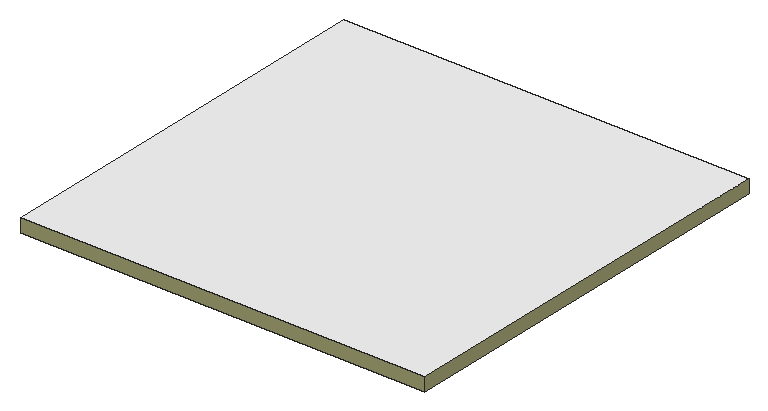
Revit family "Classictone (NRC0.9)  20mm thickness (coated edge)", category Generic Models, host Face, Revit 2020
Family settings
  Host = Face
  Can host rebar = No
  Round Connector Dimension = Use Diameter
  Part Type = Normal
  Cut with Voids When Loaded = No
  Shared = No
  Room Calculation Point = No
Parameters (values of type "20mm (603 x 603 mm)")
  Width [instance] = 603 mm
  Type of Insulation = "Glass Mineral wool slab"
  Thermal R value = 0.65
  Thermal K value = 0.0309
  Remarks = ""
  NRC = "0.90"
  Material Specification = ""
  Manufacturer = "PGF Insulation Sdn. Bhd."
  Insulation Thickness = 20 mm
  Length(mm) [instance] = 603 mm
  Finish = Classictone
  ECOWOOL Product thickness in mm = ""
  Description = "Description DuctGuard external duct wrap, the new generation glass mineral wool insulation manufactured by PGF Insulation provides traditional sheet metal ducts with improved thermal insulation. The external glass mineral wool duct wrap has been engineered to provide the highest level of insulation performance for building occupants to achieve the optimum level of indoor comfort deserved.  \r\nECOWOOL Classic DuctGuard external duct wrap is pre-laminated with a vapour barrier facing material. .\r\n\r\nDescription DuctGuard external duct wrap, the new generation glass mineral wool insulation manufactured by PGF Insulation provides traditional sheet metal ducts with improved thermal insulation. The external glass mineral wool duct wrap has been engineered to provide the highest level of insulation performance for building occupants to achieve the optimum level of indoor comfort deserved.  \r\nECOWOOL Classic DuctGuard external duct wrap is pre-laminated with a vapour barrier facing materia\r\nDescription DuctGuard external duct wrap, the new generation glass mineral wool insulation manufactured by PGF Insulation provides traditional sheet metal ducts with improved thermal insulation. The external glass mineral wool duct wrap has been engineered to provide the highest level of insulation performance for building occupants to achieve the optimum level of indoor comfort deserved.  \r\nECOWOOL Classic DuctGuard external duct wrap is pre-laminated with a vapour barrier facing materia\r\nDescription DuctGuard external duct wrap, the new generation glass mineral wool insulation manufactured by PGF Insulation provides traditional sheet metal ducts with improved thermal insulation. The external glass mineral wool duct wrap has been engineered to provide the highest level of insulation performance for building occupants to achieve the optimum level of indoor comfort deserved.  \r\nECOWOOL Classic DuctGuard external duct wrap is pre-laminated with a vapour barrier facing materia\r\nDescription DuctGuard external duct wrap, the new generation glass mineral wool insulation manufactured by PGF Insulation provides traditional sheet metal ducts with improved thermal insulation. The external glass mineral wool duct wrap has been engineered to provide the highest level of insulation performance for building occupants to achieve the optimum level of indoor comfort deserved.  \r\nECOWOOL Classic DuctGuard external duct wrap is pre-laminated with a vapour barrier facing materia\r\nDescription DuctGuard external duct wrap, the new generation glass mineral wool insulation manufactured by PGF Insulation provides traditional sheet metal ducts with improved thermal insulation. The external glass mineral wool duct wrap has been engineered to provide the highest level of insulation performance for building occupants to achieve the optimum level of indoor comfort deserved.  \r\nECOWOOL Classic DuctGuard external duct wrap is pre-laminated with a vapour barrier facing materia\r\nDescription DuctGuard external duct wrap, the new generation glass mineral wool insulation manufactured by PGF Insulation provides traditional sheet metal ducts with improved thermal insulation. The external glass mineral wool duct wrap has been engineered to provide the highest level of insulation performance for building occupants to achieve the optimum level of indoor comfort deserved.  \r\nECOWOOL Classic DuctGuard external duct wrap is pre-laminated with a vapour barrier facing materia\r\nDescription DuctGuard external duct wrap, the new generation glass mineral wool insulation manufactured by PGF Insulation provides traditional sheet metal ducts with improved thermal insulation. The external glass mineral wool duct wrap has been engineered to provide the highest level of insulation performance for building occupants to achieve the optimum level of indoor comfort deserved.  \r\nECOWOOL Classic DuctGuard external duct wrap is pre-laminated with a vapour barrier facing materia\r\nDescription DuctGuard external duct wrap, the new generation glass mineral wool insulation manufactured by PGF Insulation provides traditional sheet metal ducts with improved thermal insulation. The external glass mineral wool duct wrap has been engineered to provide the highest level of insulation performance for building occupants to achieve the optimum level of indoor comfort deserved.  \r\nECOWOOL Classic DuctGuard external duct wrap is pre-laminated with a vapour barrier facing materia\r\nDescription DuctGuard external duct wrap, the new generation glass mineral wool insulation manufactured by PGF Insulation provides traditional sheet metal ducts with improved thermal insulation. The external glass mineral wool duct wrap has been engineered to provide the highest level of insulation performance for building occupants to achieve the optimum level of indoor comfort deserved.  \r\nECOWOOL Classic DuctGuard external duct wrap is pre-laminated with a vapour barrier facing material\r\nDescription DuctGuard external duct wrap, the new generation glass mineral wool insulation manufactured by PGF Insulation provides traditional sheet metal ducts with improved thermal insulation. The external glass mineral wool duct wrap has been engineered to provide the highest level of insulation performance for building occupants to achieve the optimum level of indoor comfort deserved.  \r\nECOWOOL Classic DuctGuard external duct wrap is pre-laminated with a vapour barrier facing material\r\nDescription DuctGuard external duct wrap, the new generation glass mineral wool insulation manufactured by PGF Insulation provides traditional sheet metal ducts with improved thermal insulation. The external glass mineral wool duct wrap has been engineered to provide the highest level of insulation performance for building occupants to achieve the optimum level of indoor comfort deserved.  \r\nECOWOOL Classic DuctGuard external duct wrap is pre-laminated with a vapour barrier facing material\r\nDescription DuctGuard external duct wrap, the new generation glass mineral wool insulation manufactured by PGF Insulation provides traditional sheet metal ducts with improved thermal insulation. The external glass mineral wool duct wrap has been engineered to provide the highest level of insulation performance for building occupants to achieve the optimum level of indoor comfort deserved.  \r\nECOWOOL Classic DuctGuard external duct wrap is pre-laminated with a vapour barrier facing material\r\nDescription DuctGuard external duct wrap, the new generation glass mineral wool insulation manufactured by PGF Insulation provides traditional sheet metal ducts with improved thermal insulation. The external glass mineral wool duct wrap has been engineered to provide the highest level of insulation performance for building occupants to achieve the optimum level of indoor comfort deserved.  \r\nECOWOOL Classic DuctGuard external duct wrap is pre-laminated with a vapour barrier facing material\r\nDescription DuctGuard external duct wrap, the new generation glass mineral wool insulation manufactured by PGF Insulation provides traditional sheet metal ducts with improved thermal insulation. The external glass mineral wool duct wrap has been engineered to provide the highest level of insulation performance for building occupants to achieve the optimum level of indoor comfort deserved.  \r\nECOWOOL Classic DuctGuard external duct wrap is pre-laminated with a vapour barrier facing material\r\nDescription DuctGuard external duct wrap, the new generation glass mineral wool insulation manufactured by PGF Insulation provides traditional sheet metal ducts with improved thermal insulation. The external glass mineral wool duct wrap has been engineered to provide the highest level of insulation performance for building occupants to achieve the optimum level of indoor comfort deserved.  \r\nECOWOOL Classic DuctGuard external duct wrap is pre-laminated with a vapour barrier facing material"
  Density = 32.00 kg/m³
  Default Elevation = 1219.2 mm
Types (5, lengths in mm): name | Width | Length(mm)
  (no name) | 603 | 603
  20mm (603 x 1212 mm) | 603 | 1212
  20mm (603 x 603 mm) | 603 | 603
  20mm (595 x 595mm) | 595 | 595
  20mm (595 x 1195mm) | 595 | 1195
Reference planes
  plane 1 "Center (Front/Back)": y = 0
  plane 2: z = 0
  plane 3 "Center (Left/Right)": x = 0
  plane 4: x = 603
  plane 5: y = -301.5
  plane 6: y = 301.5
Forms (mm)
  Sweep 1, solid, material "Classictone" <- "Finish"
    path origin (0, 0, 0) x (1, 0, 0) y (0, 1, 0)
      loop
        line (0, 0) -> (603, 0)
    profile origin (301.5, 0, 0) x (0, 1, 0) y (0, 0, 1)
      loop
        line (-301.5, 20) -> (-301.5, 0) -> (301.5, 0) -> (301.5, 20) -> (-301.5, 20)
Lines and regions (mm)
  reference lines
    curve 1: line (0, 0, 0) -> (603, 0, 0)
Dimensions and locks
  "Width": plane 5 to plane 6
  equal spacing: plane 5, plane 1 "Center (Front/Back)", plane 6
  "Length(mm)": plane 3 "Center (Left/Right)" to plane 4
  "Insulation Thickness": host face to Sweep 1 sketch curve
  aligned and locked: plane 2 to host face
  aligned and locked: level to host face
  aligned and locked: plane 3 "Center (Left/Right)" to curve 1
  aligned and locked: plane 4 to curve 1
  aligned and locked: plane 3 "Center (Left/Right)" to Sweep 1 sketch curve
  aligned and locked: plane 4 to Sweep 1 sketch curve
  aligned and locked: level to Sweep 1 sketch curve
  aligned and locked: plane 6 to Sweep 1 sketch curve
  aligned and locked: Sweep 1 sketch curve to plane 5
Automatic sketch dimensions
  host sketch curve to host sketch curve = 617.106 mm
  host sketch curve to host sketch curve = 723.918 mm
  plane 1 "Center (Front/Back)" to curve 1 = 0 mm
  plane 1 "Center (Front/Back)" to Sweep 1 sketch curve = 0 mm
